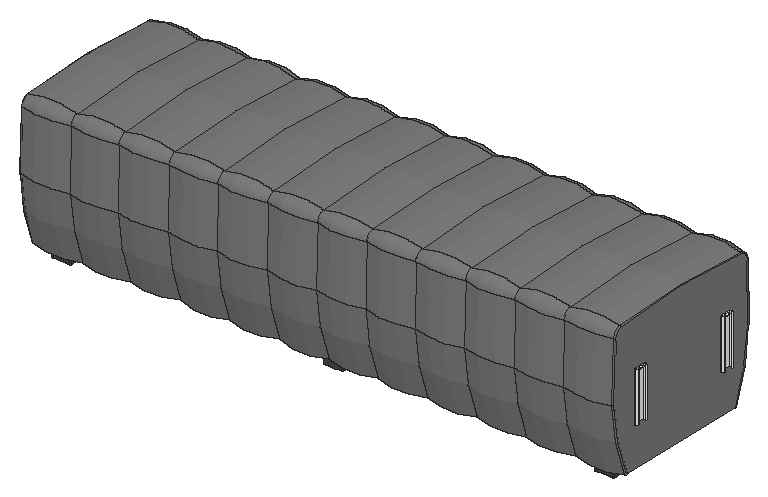
Revit family "Chair-Soft_Seating-Allermuir-Haven_Bench-HAB300E", category Furniture, Revit 2012
Parameters (values of type "HAB300E")
  ecoScorecard_data = "http://thesenatorgroup.ecoscorecard.com/product//HAB300E"
  ecoScorecard Product Page = "http://products.ecoscorecard.com/allermuir/HAB300E?action=html"
  Width = 0' - 0"
  Weight = 0.0 lbf
  Upholstered Seat = "No"
  Upholstered Back = "No"
  URL = "http://www.allermuir.net/Default.aspx"
  Subcategory = "Soft Seating"  # constant formula
  Stacks = no
  Specifications URL = ""
  Side Bracket = Metal - Allermuir - Chrome - Polished
  Seat or Top = Fabric - Allermuir - Silcoates
  Product Page URL = "http://www.allermuir.net/Products.aspx?RangeId=495"
  Product Line = "Haven Bench"  # constant formula
  Pricing URL = ""
  Plugin Data URL = "http://products.ecoscorecard.com/thesenatorgroup/HAB300E"
  Plastic Arms in Black = "No"
  Model = "HAB300E"  # constant formula
  Manufacturer Phone - Toll Free = "(888) 887 5806"  # constant formula
  Manufacturer Phone = "(419) 887 5806"  # constant formula
  Manufacturer Fax = "(419) 887 5805"  # constant formula
  Manufacturer Email = "mailto:contact@allermuir-na.com"
  Manufacturer Address = "1630 Holland Road, Maumee, Ohio 43537 "  # constant formula
  Manufacturer = "Allermuir"  # constant formula
  LEED Stats URL = ""
  Height = 0' - 0"
  Fabric Spec Sheets = "http://www.allermuir.net/Services/File.ashx?Type=B&Id=51"
  Description = ""
  Depth = 0' - 0"
  Color Availability = "See price list for material options"  # constant formula
  CAD Blocks URL = ""
  Brochure URL = ""
  Base = Plastic - Allermuir - Black
  Assembly Code = "E2020200"
  95 CSI = "12510"  # constant formula
  04 CSI = "12 51 00"  # constant formula
Reference planes
  plane 1 "Center Front/Back": y = 0
  plane 2: z = 0
  plane 3 "Center Left/Right": x = 0
  plane 4: z = 466.328
  plane 5: x = -912.479
  plane 6: x = 912.479
  plane 7: y = 278.492
  plane 8: y = -265.296
Dimensions and locks
  plane 4 to level = 1' - 6 23/64"  (x2)
  equal spacing: plane 5, plane 3 "Center Left/Right", plane 6
  plane 5 to plane 6 = 5' - 11.8487"
  plane 7 to plane 8 = 1' - 9.40899"
  aligned and locked: plane 3 "Center Left/Right" to nested 1
  aligned and locked: plane 1 "Center Front/Back" to nested 1
  aligned and locked: plane 4 to nested 1
Nested families
  nested 1: "HAB300E" at (0, 0, 0), type "HAB300E"
Definition of nested family "HAB300E"
  Parameters (values of type "HAB300E")
    URL = "http://www.allermuir.net/Default.aspx"
    Stand = Plastic - Allermuir - Black
    Side Stand = Metal - Allermuir - Chrome - Polished
    Seat = Fabric - Allermuir - Silcoates
    Model = "HAB100"
    Manufacturer = "Allermuir"  # constant formula
    Description = ""
    Assembly Code = "E2020200"
  Reference planes
    plane 1 "Center Front/Back": y = 0
    plane 2: z = 0
    plane 3 "Center Left/Right": x = 0
    plane 4: y = 278.492
    plane 5: y = -265.296
    plane 6: z = 466.328
    plane 7: x = -899.878
    plane 8: x = 899.878
  Forms (mm)
    Sweep 1, solid, material "Fabric - Allermuir - Silcoates" <- "Seat"
      path origin (0, 0, 0) x (0, 1, 0) y (0, 0, 1)
        loop
          arc (228.945, 24.408) -> (262.215, 126.767) -> (276.965, 233.381) r 609.6
          arc (276.965, 233.381) -> (278.479, 325.472) -> (273.982, 417.465) r 1411.053
          arc (273.982, 417.465) -> (262.719, 442.368) -> (238.222, 454.489) r 40.603
          arc (238.222, 454.489) -> (7.264, 468.236) -> (-223.765, 455.728) r 2038.86
          arc (-223.765, 455.728) -> (-248.079, 443.981) -> (-259.64, 419.577) r 40.58
          arc (-259.64, 419.577) -> (-265.536, 328.435) -> (-264.387, 237.109) r 1183.48
          arc (-264.387, 237.109) -> (-249.246, 128.613) -> (-215.454, 24.408) r 627.008
      profile origin (0, 7.264, 468.236) x (0, -0.002682, -0.999996) y (1, 0, 0)
        loop
          arc (13.094, -747.478) -> (2.01, -822.435) -> (13.359, -897.353) r 255.942
          arc (13.359, -897.353) -> (14.723, -899.276) -> (16.962, -900.013) r 3.77
          line (16.962, -900.013) -> (18.056, -900.013) -> (18.056, 900.013) -> (16.964, 900.013)
          arc (16.964, 900.013) -> (14.725, 899.276) -> (13.361, 897.353) r 3.77
          arc (13.361, 897.353) -> (2.01, 822.436) -> (13.092, 747.478) r 255.942
          arc (13.092, 747.478) -> (2.009, 672.942) -> (13.113, 598.41) r 255.942
          arc (13.113, 598.41) -> (2.01, 523.394) -> (13.375, 448.417) r 255.942
          arc (13.375, 448.417) -> (2.01, 373.433) -> (13.117, 298.411) r 255.942
          arc (13.117, 298.411) -> (2.01, 223.387) -> (13.376, 148.403) r 255.942
          arc (13.376, 148.403) -> (2.013, 74.256) -> (12.634, 0) r 255.942
          arc (12.634, 0) -> (2.026, -75.93) -> (14.383, -151.596) r 255.942
          arc (14.383, -151.596) -> (2.037, -226.43) -> (12.165, -301.596) r 255.942
          arc (12.165, -301.596) -> (2.037, -376.765) -> (14.384, -451.601) r 255.942
          arc (14.384, -451.601) -> (2.038, -526.433) -> (12.163, -601.598) r 255.942
          arc (12.163, -601.598) -> (2.015, -674.606) -> (13.094, -747.478) r 255.942
    Extrusion 2, solid, material "Fabric - Allermuir - Silcoates" <- "Seat"
      sketch origin (0, 0, 0) x (0, 1, 0) y (0, 0, 1)
        loop
          line (-198.21, 30) -> (211.698, 30)
          arc (211.698, 30) -> (244.436, 130.024) -> (258.93, 234.267) r 591.544
          arc (258.93, 234.267) -> (260.425, 325.179) -> (255.986, 415.995) r 1392.996
          arc (255.986, 415.995) -> (249.731, 429.823) -> (236.128, 436.554) r 22.547
          arc (236.128, 436.554) -> (7.216, 450.18) -> (-221.767, 437.783) r 2020.803
          arc (-221.767, 437.783) -> (-235.263, 431.263) -> (-241.679, 417.717) r 22.524
          arc (-241.679, 417.717) -> (-247.486, 327.965) -> (-246.354, 238.033) r 1165.423
          arc (-246.354, 238.033) -> (-231.472, 131.89) -> (-198.21, 30) r 608.951
      from -900.013 to 900.013
    Extrusion 3, solid, material "Metal - Allermuir - Chrome - Polished" <- "Side Stand"
      sketch origin (0, -42.069, 0) x (1, 0, 0) y (0, 1, 0)
        loop
          line (912.476, -128.241) -> (911.702, -126.956) -> (905.741, -130.546)
          arc (905.741, -130.546) -> (905.36, -130.619) -> (905.023, -130.425) r 0.559
          line (905.023, -130.425) -> (901.784, -126.538)
          arc (901.784, -126.538) -> (901.579, -126.181) -> (901.508, -125.775) r 1.191
          line (901.508, -125.775) -> (901.508, -99.694)
          arc (901.508, -99.694) -> (901.577, -99.299) -> (901.777, -98.951) r 1.161
          line (901.777, -98.951) -> (905.003, -95.08)
          arc (905.003, -95.08) -> (905.362, -94.874) -> (905.768, -94.951) r 0.595
          line (905.768, -94.951) -> (911.702, -98.524) -> (912.476, -97.24) -> (906.387, -93.573)
          arc (906.387, -93.573) -> (905.101, -93.329) -> (903.967, -93.981) r 1.885
          line (903.967, -93.981) -> (900.467, -98.18)
          arc (900.467, -98.18) -> (900.143, -98.745) -> (900.03, -99.387) r 1.885
          line (900.03, -99.387) -> (900.03, -126.094)
          arc (900.03, -126.094) -> (900.143, -126.735) -> (900.467, -127.301) r 1.885
          line (900.467, -127.301) -> (903.94, -131.469)
          arc (903.94, -131.469) -> (905.103, -132.137) -> (906.42, -131.887) r 1.931
          line (906.42, -131.887) -> (912.476, -128.241)
      from 156.239 to 306.239
    Extrusion 4, solid, material "Metal - Allermuir - Chrome - Polished" <- "Side Stand"
      sketch origin (0, -42.069, 0) x (1, 0, 0) y (0, 1, 0)
        loop
          line (901.508, -118.736) -> (910.5, -118.736) -> (910.5, -106.765) -> (901.508, -106.765) -> (901.508, -118.736)
      from 304.739 to 306.239
    Extrusion 5, solid, material "Metal - Allermuir - Chrome - Polished" <- "Side Stand"
      sketch origin (0, 58.142, 0) x (1, 0, 0) y (0, 1, 0)
        loop
          line (912.476, 128.241) -> (906.42, 131.887)
          arc (906.42, 131.887) -> (905.103, 132.137) -> (903.94, 131.469) r 1.931
          line (903.94, 131.469) -> (900.467, 127.301)
          arc (900.467, 127.301) -> (900.143, 126.735) -> (900.03, 126.094) r 1.885
          line (900.03, 126.094) -> (900.03, 99.387)
          arc (900.03, 99.387) -> (900.143, 98.745) -> (900.467, 98.18) r 1.885
          line (900.467, 98.18) -> (903.967, 93.981)
          arc (903.967, 93.981) -> (905.101, 93.329) -> (906.387, 93.573) r 1.885
          line (906.387, 93.573) -> (912.476, 97.24) -> (911.702, 98.524) -> (905.768, 94.951)
          arc (905.768, 94.951) -> (905.362, 94.874) -> (905.003, 95.08) r 0.595
          line (905.003, 95.08) -> (901.777, 98.951)
          arc (901.777, 98.951) -> (901.577, 99.299) -> (901.508, 99.694) r 1.161
          line (901.508, 99.694) -> (901.508, 125.775)
          arc (901.508, 125.775) -> (901.579, 126.181) -> (901.784, 126.538) r 1.191
          line (901.784, 126.538) -> (905.023, 130.425)
          arc (905.023, 130.425) -> (905.36, 130.619) -> (905.741, 130.546) r 0.559
          line (905.741, 130.546) -> (911.702, 126.956) -> (912.476, 128.241)
      from 156.239 to 306.239
    Extrusion 6, solid, material "Metal - Allermuir - Chrome - Polished" <- "Side Stand"
      sketch origin (0, 58.142, 0) x (1, 0, 0) y (0, 1, 0)
        loop
          line (901.508, 118.736) -> (901.508, 106.765) -> (910.5, 106.765) -> (910.5, 118.736) -> (901.508, 118.736)
      from 304.739 to 306.239
  Cuts and joins
    joined: Sweep 1, Extrusion 2
  Lines and regions (mm)
    symbolic lines, style "Sofa"
      curve 1: line (-900.013, -249.055, 0) -> (-900.013, 261.626, 0)
      curve 2: line (-747.478, -252.843, 0) -> (-747.478, 265.543, 0)
      curve 3: line (-601.598, -253.773, 0) -> (-601.598, 266.473, 0)
      curve 4: line (-451.601, -251.552, 0) -> (-451.601, 264.252, 0)
      curve 5: line (-301.596, -253.771, 0) -> (-301.596, 266.471, 0)
      curve 6: line (-151.596, -251.553, 0) -> (-151.596, 264.253, 0)
      curve 7: line (0, -253.302, 0) -> (0, 266.002, 0)
      curve 8: line (148.403, -252.561, 0) -> (148.403, 265.261, 0)
      curve 9: line (298.411, -252.819, 0) -> (298.411, 265.519, 0)
      curve 10: line (448.417, -252.819, 0) -> (448.417, 265.519, 0)
      curve 11: line (598.41, -252.819, 0) -> (598.41, 265.519, 0)
      curve 12: line (747.478, -252.819, 0) -> (747.478, 265.519, 0)
      curve 13: line (900.013, -249.056, 0) -> (900.013, 261.807, 0)
      curve 14: arc (-897.351, -252.657, 0) -> (-822.428, -263.94, 0) -> (-747.478, -252.843, 0) r 256.5
      curve 15: arc (-747.478, -252.843, 0) -> (-674.608, -264.319, 0) -> (-601.598, -253.773, 0) r 247.106
      curve 16: arc (-601.598, -253.773, 0) -> (-526.431, -264.022, 0) -> (-451.601, -251.552, 0) r 253.283
      curve 17: arc (-451.601, -251.552, 0) -> (-376.767, -264.018, 0) -> (-301.596, -253.771, 0) r 253.383
      curve 18: arc (-301.596, -253.771, 0) -> (-226.431, -263.846, 0) -> (-151.596, -251.553, 0) r 257.095
      curve 19: arc (-151.596, -251.553, 0) -> (-75.931, -263.935, 0) -> (0, -253.302, 0) r 255.403
      curve 20: arc (0, -253.302, 0) -> (74.256, -263.929, 0) -> (148.403, -252.561, 0) r 255.818
      curve 21: arc (148.403, -252.561, 0) -> (223.387, -264.046, 0) -> (298.411, -252.819, 0) r 253.367
      curve 22: arc (298.411, -252.819, 0) -> (373.414, -264.061, 0) -> (448.417, -252.819, 0) r 255.82
      curve 23: arc (448.417, -252.819, 0) -> (523.413, -263.966, 0) -> (598.41, -252.819, 0) r 257.857
      curve 24: arc (598.41, -252.819, 0) -> (672.944, -263.981, 0) -> (747.478, -252.819, 0) r 254.445
      curve 25: arc (747.478, -252.819, 0) -> (822.495, -263.887, 0) -> (897.466, -252.508, 0) r 256.157
      curve 26: arc (-897.351, -252.657, 0) -> (-899.275, -251.294, 0) -> (-900.013, -249.055, 0) r 3.768
      curve 27: arc (897.466, -252.508, 0) -> (899.307, -251.201, 0) -> (900.013, -249.056, 0) r 3.612
      curve 28: line (901.508, 177.275, 0) -> (910.5, 177.275, 0)
      curve 29: line (910.5, 177.275, 0) -> (910.5, 165.304, 0)
      curve 30: line (910.5, 165.304, 0) -> (901.508, 165.304, 0)
      curve 31: line (912.476, 155.779, 0) -> (906.387, 152.112, 0)
      curve 32: line (905.768, 153.49, 0) -> (911.702, 157.063, 0)
      curve 33: line (911.702, 157.063, 0) -> (912.476, 155.779, 0)
      curve 34: arc (906.387, 152.112, 0) -> (905.101, 151.868, 0) -> (903.967, 152.52, 0) r 1.885
      curve 35: arc (905.003, 153.619, 0) -> (905.362, 153.413, 0) -> (905.768, 153.49, 0) r 0.595
      curve 36: line (901.777, 157.49, 0) -> (905.003, 153.619, 0)
      curve 37: line (903.967, 152.52, 0) -> (900.467, 156.719, 0)
      curve 38: arc (900.467, 156.719, 0) -> (900.143, 157.284, 0) -> (900.03, 157.926, 0) r 1.885
      curve 39: arc (901.508, 158.233, 0) -> (901.577, 157.838, 0) -> (901.777, 157.49, 0) r 1.161
      curve 40: line (901.508, 184.314, 0) -> (901.508, 158.233, 0)
      curve 41: arc (901.784, 185.077, 0) -> (901.579, 184.72, 0) -> (901.508, 184.314, 0) r 1.191
      curve 42: line (905.023, 188.964, 0) -> (901.784, 185.077, 0)
      curve 43: line (900.467, 185.84, 0) -> (903.94, 190.008, 0)
      curve 44: arc (900.03, 184.633, 0) -> (900.143, 185.275, 0) -> (900.467, 185.84, 0) r 1.885
      curve 45: arc (903.94, 190.008, 0) -> (905.103, 190.676, 0) -> (906.42, 190.426, 0) r 1.931
      curve 46: arc (905.741, 189.085, 0) -> (905.36, 189.158, 0) -> (905.023, 188.964, 0) r 0.559
      curve 47: line (911.702, 185.496, 0) -> (905.741, 189.085, 0)
      curve 48: line (906.42, 190.426, 0) -> (912.476, 186.78, 0)
      curve 49: line (912.476, 186.78, 0) -> (911.702, 185.496, 0)
      curve 50: line (901.508, -148.833, 0) -> (910.5, -148.833, 0)
      curve 51: line (910.5, -148.833, 0) -> (910.5, -160.805, 0)
      curve 52: line (910.5, -160.805, 0) -> (901.508, -160.805, 0)
      curve 53: line (912.476, -170.33, 0) -> (906.387, -173.997, 0)
      curve 54: line (905.768, -172.619, 0) -> (911.702, -169.045, 0)
      curve 55: line (911.702, -169.045, 0) -> (912.476, -170.33, 0)
      curve 56: arc (906.387, -173.997, 0) -> (905.101, -174.241, 0) -> (903.967, -173.589, 0) r 1.885
      curve 57: arc (905.003, -172.49, 0) -> (905.362, -172.696, 0) -> (905.768, -172.619, 0) r 0.595
      curve 58: line (901.777, -168.618, 0) -> (905.003, -172.49, 0)
      curve 59: line (903.967, -173.589, 0) -> (900.467, -169.39, 0)
      curve 60: arc (900.467, -169.39, 0) -> (900.143, -168.824, 0) -> (900.03, -168.183, 0) r 1.885
      curve 61: arc (901.508, -167.875, 0) -> (901.577, -168.27, 0) -> (901.777, -168.618, 0) r 1.161
      curve 62: line (901.508, -141.794, 0) -> (901.508, -167.875, 0)
      curve 63: arc (901.784, -141.032, 0) -> (901.579, -141.389, 0) -> (901.508, -141.794, 0) r 1.191
      curve 64: line (905.023, -137.144, 0) -> (901.784, -141.032, 0)
      curve 65: line (900.467, -140.269, 0) -> (903.94, -136.101, 0)
      curve 66: arc (900.03, -141.476, 0) -> (900.143, -140.834, 0) -> (900.467, -140.269, 0) r 1.885
      curve 67: arc (903.94, -136.101, 0) -> (905.103, -135.433, 0) -> (906.42, -135.682, 0) r 1.931
      curve 68: arc (905.741, -137.023, 0) -> (905.36, -136.951, 0) -> (905.023, -137.144, 0) r 0.559
      curve 69: line (911.702, -140.613, 0) -> (905.741, -137.023, 0)
      curve 70: line (906.42, -135.682, 0) -> (912.476, -139.328, 0)
      curve 71: line (912.476, -139.328, 0) -> (911.702, -140.613, 0)
      curve 72: arc (-897.226, 265.395, 0) -> (-822.363, 276.64, 0) -> (-747.478, 265.543, 0) r 256.5
      curve 73: arc (-747.478, 265.543, 0) -> (-674.608, 277.019, 0) -> (-601.598, 266.473, 0) r 247.106
      curve 74: arc (-601.598, 266.473, 0) -> (-526.431, 276.722, 0) -> (-451.601, 264.252, 0) r 253.283
      curve 75: arc (-451.601, 264.252, 0) -> (-376.767, 276.718, 0) -> (-301.596, 266.471, 0) r 253.383
      curve 76: arc (-301.596, 266.471, 0) -> (-226.431, 276.546, 0) -> (-151.596, 264.253, 0) r 257.095
      curve 77: arc (-151.596, 264.253, 0) -> (-75.931, 276.635, 0) -> (0, 266.002, 0) r 255.403
      curve 78: arc (0, 266.002, 0) -> (74.256, 276.629, 0) -> (148.403, 265.261, 0) r 255.818
      curve 79: arc (148.403, 265.261, 0) -> (223.387, 276.746, 0) -> (298.411, 265.519, 0) r 253.367
      curve 80: arc (298.411, 265.519, 0) -> (373.414, 276.761, 0) -> (448.417, 265.519, 0) r 255.82
      curve 81: arc (448.417, 265.519, 0) -> (523.413, 276.666, 0) -> (598.41, 265.519, 0) r 257.857
      curve 82: arc (598.41, 265.519, 0) -> (672.944, 276.681, 0) -> (747.478, 265.519, 0) r 254.445
      curve 83: arc (747.478, 265.519, 0) -> (822.521, 276.587, 0) -> (897.515, 265.192, 0) r 256.157
      curve 84: arc (897.515, 265.192, 0) -> (899.321, 263.911, 0) -> (900.013, 261.807, 0) r 3.543
      curve 85: arc (-900.013, 261.626, 0) -> (-899.241, 263.97, 0) -> (-897.226, 265.395, 0) r 3.942
  Dimensions and locks
    plane 4 to plane 5 = 1' - 9.40899"
    plane 6 to level = 1' - 6 23/64"
    locked: plane 7 to plane 8 at 1799.755
    aligned and locked: plane 3 "Center Left/Right" to nested 2
    aligned and locked: plane 3 "Center Left/Right" to nested 5
    aligned and locked: nested 1 to level
    aligned and locked: nested 2 to level
    aligned and locked: nested 4 to plane 2
    aligned and locked: nested 3 to plane 2
    aligned and locked: nested 5 to plane 2
    aligned and locked: nested 6 to plane 2
    aligned and locked: Extrusion 2 sketch curve to Sweep 1  (x7)
  Nested families
    nested 1: "Leg" at (-824.583, 174.511, 0), type "PSM102"
    nested 2: "Leg" at (0, 174.511, 0), type "PSM102"
    nested 3: "Leg" at (-824.118, -158.14, 0), type "PSM102"
    nested 4: "Leg" at (823.175, 174.511, 0), type "PSM102"
    nested 5: "Leg" at (0, -158.14, 0), type "PSM102"
    nested 6: "Leg" at (823.528, -158.934, 0), type "PSM102"
  Definition of nested family "Leg"
    Parameters (values of type "PSM102")
      URL = ""
      Stand = none
      Stacks = no
      Model = ""
      Manufacturer = ""
      Description = ""
      Assembly Code = "E2020200"
    Reference planes
      plane 1 "Center Front/Back": y = 0
      plane 2: z = 0
      plane 3 "Center Left/Right": x = 0
      plane 4: z = 30
      plane 5: through (42.717, 1524.892, 1219.2) normal (1, -0.0075, 0)
      plane 6: through (-1525.181, 42.166, 1219.2) normal (0.0075, 1, 0)
      plane 7: through (-19.17, 1524.892, 1219.2) normal (1, -0.0075, 0)
      plane 8: through (-1525.181, -19.721, 1219.2) normal (0.0075, 1, 0)
    Forms (mm)
      Blend 1, solid, material <- "Stand"
        base sketch origin (0, 0, 0) x (1, 0, 0) y (0, 1, 0)
          loop
            arc (-26.682, 29.891) -> (-28.652, 29.092) -> (-29.481, 27.133) r 2.778
            line (-29.481, 27.133) -> (-29.891, -27.235)
            arc (-29.891, -27.235) -> (-29.092, -29.205) -> (-27.133, -30.034) r 2.778
            line (-27.133, -30.034) -> (27.235, -30.444)
            arc (27.235, -30.444) -> (29.205, -29.645) -> (30.034, -27.687) r 2.778
            line (30.034, -27.687) -> (30.444, 26.682)
            arc (30.444, 26.682) -> (29.645, 28.652) -> (27.687, 29.481) r 2.778
            line (27.687, 29.481) -> (-26.682, 29.891)
        top sketch origin (0, 0, 0) x (1, 0, 0) y (0, 1, 0)
          loop
            arc (31.431, 27.654) -> (30.632, 29.625) -> (28.674, 30.453) r 2.778
            line (28.674, 30.453) -> (-27.654, 30.878)
            arc (-27.654, 30.878) -> (-29.625, 30.079) -> (-30.453, 28.121) r 2.778
            line (-30.453, 28.121) -> (-30.878, -28.207)
            arc (-30.878, -28.207) -> (-30.079, -30.178) -> (-28.121, -31.006) r 2.778
            line (-28.121, -31.006) -> (28.207, -31.431)
            arc (28.207, -31.431) -> (30.178, -30.632) -> (31.006, -28.674) r 2.778
            line (31.006, -28.674) -> (31.431, 27.654)
        from 0 to 30
    Dimensions and locks
      locked: plane 7 to plane 5 at 61.886
      locked: plane 6 to plane 8 at 61.886
      locked: plane 4 to level at 30
